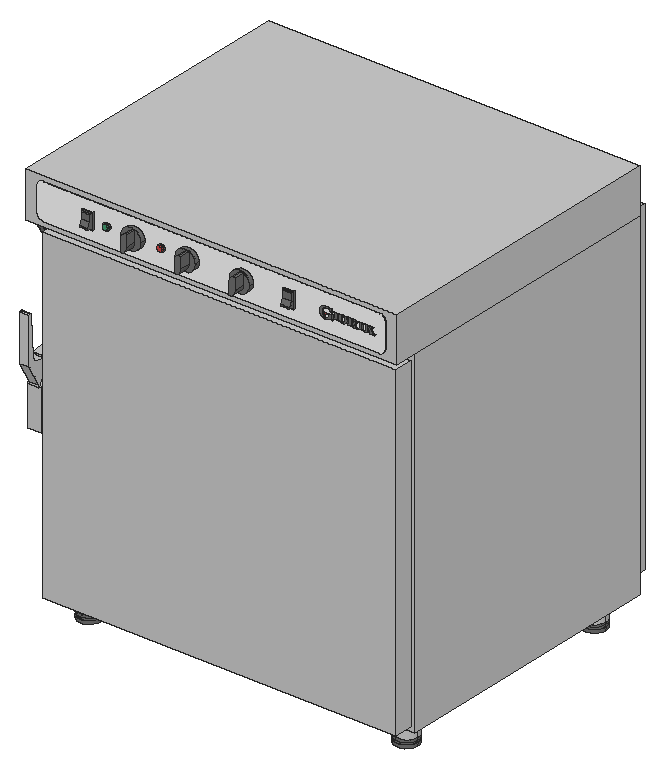
Revit family "QF_GIORIK_GR0711M_GR0711E_GR0711P", category Specialty Equipment, Revit 2014
Parameters (values of type "GR0711M")
  Weight in Pounds = 242.508
  Watts = 9600 W
  Waste Water Discharge Temperature = 0 °C
  Volts = 400 V
  URL Cutsheet = ""
  URL = "www.giorik.com"
  Programmable electronic control = no
  Plumbing Remarks [instance] = ""
  Plumbing Connection Type [instance] = ""
  Legs height [instance] = 60 mm
  Indirect Waste Size = 3/4"
  Indirect Waste Flow = 0.0 L/s
  Indirect Waste Connection Type [instance] = ""
  Indirect Waste Connection Height = 46 mm
  Mechanical control = yes
  Status [instance] = ""
  Specification by User [instance] = ""
  Specification by Manufacturer = ""
  Serial Number = ""
  Seismic Rating = ""
  SMACNA No = ""
  Revision Code [instance] = ""
  Phase = 3
  Number of Poles [instance] = 3
  NAFEM Spec ID Number = ""
  Model = "GR0711M"
  Min Ckt Ampacity = 0 A
  Max Overcurrent Protection = 20 A
  Masterspec = ""
  Manufacturer = "GIORIK"
  Show Logo [instance] = yes
  Show Clearance [instance] = yes
  Item Number [instance] = ""
  Installed By [instance] = ""
  Identify Quantity as Lot [instance] = no
  HP = "0"
  Furnished By [instance] = ""
  Foodservice Equipment Identifier [instance] = yes
  FL Amps = 0 A
  Electronic control = no
  Electrical Remarks [instance] = ""
  Electric Connection Type [instance] = ""
  Elec Conn RI Height [instance] = 0 mm
  Elec Conn Connection Height [instance] = 284 mm
  Description = "REGENERATING OVEN 7 GN 1/1 - MECHANICAL VERSION"
  Cycle = 50 Hz
  Conn Plug = ""
  Conn Conduit [instance] = no
  Cold Water Temperature Recommended = 0 °C
  Cold Water Size = 3/4"
  Cold Water RI Height [instance] = 0 mm
  Cold Water Minimum Pressure [instance] = 150.0 kPa
  Cold Water Maximum Pressure [instance] = 600.0 kPa
  Cold Water Flow [instance] = 0.0 L/s
  Cold Water Consumption [instance] = ""
  Cold Water Connection Height = 199 mm
  CSI MasterFormat = ""
  Assembly Code = "E1090320"
  Apparent Power = 9600 VA
Reference planes
  plane 1 "Back": y = 0
  plane 2: z = 0
  plane 3 "Left": x = 0
  plane 4 "Right": x = 820
  plane 5 "Front": y = -746
  plane 6 "Top": z = 910
  plane 7 "Legs height": z = 60
  plane 8 "Front oven": y = -696
Forms (mm)
  Extrusion 1, solid
    sketch origin (0, 0, 0) x (1, 0, 0) y (0, 0, 1)
      loop
        line (0, 60) -> (820, 60) -> (820, 810) -> (0, 810) -> (0, 60)
    from 75 to 696
  Extrusion 2, solid
    sketch origin (0, -746, 0) x (-1, 0, 0) y (0, 0, 1)
      loop
        line (-818, 800) -> (-818, 75) -> (-38, 75) -> (-38, 800) -> (-818, 800)
    from 0 to 40
  Extrusion 3, solid, visible <- "Show Clearance", detail levels coarse
    sketch origin (430, -505, 0) x (1, 0, 0) y (0, 1, 0)
      loop
        line (-430, -241) -> (-430, 505) -> (390, 505) -> (390, -241) -> (490, -241) -> (490, 605) -> (-530, 605) -> (-530, -241) -> (-430, -241)
    from 0 to 910
  Extrusion 4, solid, visible <- "Show Clearance", detail levels coarse
    sketch origin (0, -21, 60) x (0, 1, 0) y (-1, 0, 0)
      loop
        line (-725, -820) -> (-725, -38)
        arc (-725, -38) -> (-1269.196, -248.189) -> (-1509, -780) r 768.537
        line (-1509, -780) -> (-1509, -820) -> (-725, -820)
    from 15 to 740
  Extrusion 5, solid
    sketch origin (0, -746, 0) x (-1, 0, 0) y (0, 0, 1)
      loop
        arc (-25, 885) -> (-29.393, 895.607) -> (-40, 900) r 15
        line (-40, 900) -> (-780, 900)
        arc (-780, 900) -> (-790.607, 895.607) -> (-795, 885) r 15
        line (-795, 885) -> (-795, 835)
        arc (-795, 835) -> (-790.607, 824.393) -> (-780, 820) r 15
        line (-780, 820) -> (-40, 820)
        arc (-40, 820) -> (-29.393, 824.393) -> (-25, 835) r 15
        line (-25, 835) -> (-25, 885)
    from -0.5 to 2
  Extrusion 6, solid
    sketch origin (820, 165, 0) x (0, -1, 0) y (0, 0, 1)
      loop
        circle (220, 199) r 11
    from 50 to 30
  Extrusion 7, solid, visible <- "Mechanical control"
    sketch origin (0, -746, 0) x (-1, 0, 0) y (0, 0, 1)
      loop
        circle (-180, 860) r 7.5
    from 0 to -3
  Extrusion 8, solid, visible <- "Show Logo", detail levels medium+fine
    sketch origin (576.604, -746, 203.695) x (-1, 0, 0) y (0, 0, 1)
      loop
        line (-104.547, 663.962) -> (-115.547, 663.962) -> (-112.754, 661.618) -> (-112.754, 651.306) -> (-115.547, 648.962) -> (-104.547, 648.962) -> (-107.34, 651.306) -> (-107.34, 661.618) -> (-104.547, 663.962)
      loop
        line (-159.547, 663.962) -> (-170.547, 663.962) -> (-167.754, 661.618) -> (-167.754, 651.306) -> (-170.547, 648.962) -> (-159.547, 648.962) -> (-162.34, 651.306) -> (-162.34, 661.618) -> (-159.547, 663.962)
      loop
        line (-172.547, 663.962) -> (-183.547, 663.962) -> (-180.754, 661.618) -> (-180.754, 656.706) -> (-187.354, 662.244) -> (-184.9, 663.962) -> (-193.294, 663.962) -> (-189.303, 662.101) -> (-186.172, 658.97) -> (-192.777, 651.098) -> (-195.9, 649.962) -> (-195.9, 648.962) -> (-184.9, 648.962) -> (-186.151, 650.747) -> (-182.483, 655.625) -> (-180.754, 654.818) -> (-180.754, 651.306) -> (-183.547, 648.962) -> (-172.547, 648.962) -> (-175.34, 651.306) -> (-175.34, 661.618) -> (-172.547, 663.962)
      loop
        line (-100.387, 668.5) -> (-100.387, 658.865)
        arc (-100.387, 658.865) -> (-95.719, 663.282) -> (-89.875, 665.956) r 19.648
        arc (-89.875, 665.956) -> (-85.547, 665.774) -> (-82.114, 663.131) r 7.168
        arc (-82.114, 663.131) -> (-80.034, 656.5) -> (-82.114, 649.868) r 11.613
        arc (-82.114, 649.868) -> (-84.434, 647.581) -> (-87.423, 646.287) r 8.864
        arc (-87.423, 646.287) -> (-90.954, 646.508) -> (-93.801, 648.608) r 6.26
        line (-93.801, 648.608) -> (-93.801, 656.174) -> (-101.26, 656.174) -> (-101.26, 648.213) -> (-103.406, 646.068) -> (-98.753, 647.314)
        arc (-98.753, 647.314) -> (-96.873, 647.533) -> (-95.12, 646.821) r 3.816
        arc (-95.12, 646.821) -> (-86.651, 644.034) -> (-78.183, 646.821) r 14.26
        arc (-78.183, 646.821) -> (-73.396, 656.305) -> (-78.183, 665.788) r 11.787
        arc (-78.183, 665.788) -> (-86.838, 668.637) -> (-95.494, 665.788) r 14.575
        line (-95.494, 665.788) -> (-100.387, 668.5)
      loop
        arc (-117.299, 661.157) -> (-125.457, 664.293) -> (-133.615, 661.157) r 12.178
        arc (-133.615, 661.157) -> (-135.675, 656.524) -> (-133.615, 651.891) r 6.24
        arc (-133.615, 651.891) -> (-125.457, 648.755) -> (-117.299, 651.891) r 12.178
        arc (-117.299, 651.891) -> (-115.239, 656.524) -> (-117.299, 661.157) r 6.24
      loop
        arc (-121.457, 659.117) -> (-125.457, 663.117) -> (-129.457, 659.117) r 4
        line (-129.457, 659.117) -> (-129.457, 653.931)
        arc (-129.457, 653.931) -> (-125.457, 649.931) -> (-121.457, 653.931) r 4
        line (-121.457, 653.931) -> (-121.457, 659.117)
      loop
        arc (-150.534, 663.971) -> (-154.557, 659.947) -> (-150.534, 655.923) r 4.024
        line (-150.534, 655.923) -> (-154.412, 650.423) -> (-157.545, 648.962) -> (-149.901, 648.962) -> (-147.062, 655.05) -> (-143.519, 655.05) -> (-143.519, 651.008) -> (-146.441, 648.962) -> (-135.402, 648.962) -> (-137.953, 650.881) -> (-137.953, 661.677) -> (-135.669, 663.971) -> (-150.534, 663.971)
      loop
        line (-143.519, 662.926) -> (-147.194, 662.926)
        arc (-147.194, 662.926) -> (-150.379, 659.741) -> (-147.194, 656.556) r 3.185
        line (-147.194, 656.556) -> (-143.519, 656.556) -> (-143.519, 662.926)
    from 0.5 to -1.5
  Extrusion 9, solid, visible <- "Show Logo", detail levels medium+fine
    sketch origin (574.604, -746, 203.695) x (-1, 0, 0) y (0, 0, 1)
      loop
        line (-83.301, 656.174) -> (-95.301, 656.174) -> (-89.301, 651.174) -> (-83.301, 656.174)
    from 0.5 to -1.5
  Extrusion 10, solid
    sketch origin (0, -53, 0) x (1, 0, 0) y (0, 1, 0)
      loop
        circle (60, -72) r 25
    from 0 to 6
  Extrusion 11, solid
    sketch origin (0, -53, 0) x (1, 0, 0) y (0, 1, 0)
      loop
        circle (60, -72) r 25
    from 17 to 60
  Extrusion 12, solid
    sketch origin (0, -53, 0) x (1, 0, 0) y (0, 1, 0)
      loop
        circle (60, -72) r 23
    from 6 to 12
  Extrusion 13, solid
    sketch origin (0, -53, 0) x (1, 0, 0) y (0, 1, 0)
      loop
        circle (60, -72) r 25
    from 12 to 17
  Extrusion 14, solid
    sketch origin (0, -573, 0) x (1, 0, 0) y (0, 1, 0)
      loop
        circle (60, -72) r 25
    from 0 to 6
  Extrusion 15, solid
    sketch origin (0, -573, 0) x (1, 0, 0) y (0, 1, 0)
      loop
        circle (60, -72) r 25
    from 17 to 60
  Extrusion 16, solid
    sketch origin (0, -573, 0) x (1, 0, 0) y (0, 1, 0)
      loop
        circle (60, -72) r 23
    from 6 to 12
  Extrusion 17, solid
    sketch origin (0, -573, 0) x (1, 0, 0) y (0, 1, 0)
      loop
        circle (60, -72) r 25
    from 12 to 17
  Extrusion 18, solid
    sketch origin (700, -53, 0) x (1, 0, 0) y (0, 1, 0)
      loop
        circle (60, -72) r 25
    from 0 to 6
  Extrusion 19, solid
    sketch origin (700, -53, 0) x (1, 0, 0) y (0, 1, 0)
      loop
        circle (60, -72) r 25
    from 17 to 60
  Extrusion 20, solid
    sketch origin (700, -53, 0) x (1, 0, 0) y (0, 1, 0)
      loop
        circle (60, -72) r 23
    from 6 to 12
  Extrusion 21, solid
    sketch origin (700, -53, 0) x (1, 0, 0) y (0, 1, 0)
      loop
        circle (60, -72) r 25
    from 12 to 17
  Extrusion 22, solid
    sketch origin (700, -573, 0) x (1, 0, 0) y (0, 1, 0)
      loop
        circle (60, -72) r 25
    from 0 to 6
  Extrusion 23, solid
    sketch origin (700, -573, 0) x (1, 0, 0) y (0, 1, 0)
      loop
        circle (60, -72) r 25
    from 17 to 60
  Extrusion 24, solid
    sketch origin (700, -573, 0) x (1, 0, 0) y (0, 1, 0)
      loop
        circle (60, -72) r 23
    from 6 to 12
  Extrusion 25, solid
    sketch origin (700, -573, 0) x (1, 0, 0) y (0, 1, 0)
      loop
        circle (60, -72) r 25
    from 12 to 17
  Extrusion 26, solid
    sketch origin (0, 0, 0) x (1, 0, 0) y (0, 0, 1)
      loop
        line (50, 60) -> (770, 60) -> (770, 785) -> (50, 785) -> (50, 60)
    from 0 to 75
  Extrusion 27, solid
    sketch origin (0, 0, 0) x (1, 0, 0) y (0, 0, 1)
      loop
        line (0, 910) -> (0, 810) -> (820, 810) -> (820, 910) -> (0, 910)
    from 75 to 746
  Extrusion 28, solid
    sketch origin (0, 0, 90) x (0, 1, 0) y (0, 0, 1)
      loop
        line (-708.5, 307) -> (-708.5, 457) -> (-735.5, 455.5) -> (-735.5, 426.5) -> (-748.5, 400) -> (-748.5, 312) -> (-708.5, 307)
    from 6 to 36
  Extrusion 29, solid
    sketch origin (0, 0, -90) x (0, 1, 0) y (0, 0, 1)
      loop
        line (-748.5, 580) -> (-735.5, 606.5) -> (-735.5, 633.216) -> (-755.655, 635.333)
        arc (-755.655, 635.333) -> (-761.803, 638.331) -> (-764.586, 644.58) r 10
        line (-764.586, 644.58) -> (-771, 736.21) -> (-773.5, 736.21) -> (-776, 733.71) -> (-776, 632.08) -> (-748.5, 584.31) -> (-748.5, 580)
    from 11 to 31
  Extrusion 30, solid
    sketch origin (0, 0, 90) x (0, 1, 0) y (0, 0, 1)
      loop
        line (-696, 306.3) -> (-696, 364.3) -> (-698.8, 364.3)
        arc (-698.8, 364.3) -> (-700.568, 363.568) -> (-701.3, 361.8) r 2.5
        line (-701.3, 361.8) -> (-701.3, 339.484)
        arc (-701.3, 339.484) -> (-701.917, 337.839) -> (-703.464, 337.006) r 2.5
        line (-703.464, 337.006) -> (-708.5, 336.324) -> (-708.5, 324.276) -> (-703.464, 323.593)
        arc (-703.464, 323.593) -> (-701.917, 322.761) -> (-701.3, 321.116) r 2.5
        line (-701.3, 321.116) -> (-701.3, 308.8)
        arc (-701.3, 308.8) -> (-700.568, 307.032) -> (-698.8, 306.3) r 2.5
        line (-698.8, 306.3) -> (-696, 306.3)
    from 8.5 to 33.5
  Extrusion 31, solid, visible <- "Mechanical control"
    sketch origin (0, -746, 0) x (-1, 0, 0) y (0, 0, 1)
      loop
        arc (-247.2, 854.346) -> (-244.087, 845.403) -> (-236.094, 840.325) r 14.404
        arc (-236.094, 840.325) -> (-234.423, 840.714) -> (-232.8, 841.269) r 17
        line (-232.8, 841.269) -> (-232.8, 866.046)
        arc (-232.8, 866.046) -> (-235.913, 874.989) -> (-243.906, 880.067) r 14.404
        arc (-243.906, 880.067) -> (-245.577, 879.678) -> (-247.2, 879.123) r 17
        line (-247.2, 879.123) -> (-247.2, 854.346)
    from -30 to -10
  Extrusion 32, solid, visible <- "Mechanical control"
    sketch origin (0, -746, 0) x (-1, 0, 0) y (0, 0, 1)
      loop
        circle (-240, 860.196) r 22.5
    from 0 to -10
  Extrusion 33, solid, visible <- "Mechanical control"
    sketch origin (120, -746, 0) x (-1, 0, 0) y (0, 0, 1)
      loop
        arc (-247.2, 854.346) -> (-244.087, 845.403) -> (-236.094, 840.325) r 14.404
        arc (-236.094, 840.325) -> (-234.423, 840.714) -> (-232.8, 841.269) r 17
        line (-232.8, 841.269) -> (-232.8, 866.046)
        arc (-232.8, 866.046) -> (-235.913, 874.989) -> (-243.906, 880.067) r 14.404
        arc (-243.906, 880.067) -> (-245.577, 879.678) -> (-247.2, 879.123) r 17
        line (-247.2, 879.123) -> (-247.2, 854.346)
    from -30 to -10
  Extrusion 34, solid, visible <- "Mechanical control"
    sketch origin (120, -746, 0) x (-1, 0, 0) y (0, 0, 1)
      loop
        circle (-240, 860.196) r 22.5
    from 0 to -10
  Extrusion 35, solid, visible <- "Mechanical control"
    sketch origin (0, -746, 0) x (-1, 0, 0) y (0, 0, 1)
      loop
        circle (-180, 860) r 5.5
    from -3 to -6
  Extrusion 36, solid, visible <- "Mechanical control"
    sketch origin (120, -746, 0) x (-1, 0, 0) y (0, 0, 1)
      loop
        circle (-180, 860) r 7.5
    from 0 to -3
  Extrusion 37, solid, visible <- "Mechanical control"
    sketch origin (120, -746, 0) x (-1, 0, 0) y (0, 0, 1)
      loop
        circle (-180, 860) r 5.5
    from -3 to -6
  Extrusion 38, solid, visible <- "Mechanical control"
    sketch origin (0, -746, 0) x (-1, 0, 0) y (0, 0, 1)
      loop
        line (-125, 842.5) -> (-125, 877.5) -> (-150, 877.5) -> (-150, 842.5) -> (-125, 842.5)
    from 0 to -3
  Extrusion 39, solid, visible <- "Mechanical control"
    sketch origin (0, 0, 0) x (0, 1, 0) y (0, 0, 1)
      loop
        line (-749, 874.5) -> (-753, 874.5) -> (-753, 860) -> (-758.435, 848.345)
        arc (-758.435, 848.345) -> (-758.309, 846.425) -> (-756.622, 845.5) r 2
        line (-756.622, 845.5) -> (-749, 845.5) -> (-749, 874.5)
    from 128 to 147
  Extrusion 40, solid
    sketch origin (-118.5, -959, -389) x (0, 1, 0) y (0, 0, 1)
      loop
        line (894.124, 687.794) -> (886.25, 674.156) -> (886.25, 671.844) -> (894.124, 658.206) -> (896.126, 657.05) -> (911.874, 657.05) -> (913.876, 658.206) -> (921.75, 671.844) -> (921.75, 674.156) -> (913.876, 687.794) -> (911.874, 688.95) -> (896.126, 688.95) -> (894.124, 687.794)
    from 144.771 to 152.771
  Extrusion 41, solid
    sketch origin (-118.5, -959, -389) x (0, 1, 0) y (0, 0, 1)
      loop
        line (894.124, 687.794) -> (886.25, 674.156) -> (886.25, 671.844) -> (894.124, 658.206) -> (896.126, 657.05) -> (911.874, 657.05) -> (913.876, 658.206) -> (921.75, 671.844) -> (921.75, 674.156) -> (913.876, 687.794) -> (911.874, 688.95) -> (896.126, 688.95) -> (894.124, 687.794)
    from 160.771 to 152.771
  Extrusion 42, solid
    sketch origin (-118.5, -959, -389) x (0, 1, 0) y (0, 0, 1)
      loop
        line (894.124, 687.794) -> (886.25, 674.156) -> (886.25, 671.844) -> (894.124, 658.206) -> (896.126, 657.05) -> (911.874, 657.05) -> (913.876, 658.206) -> (921.75, 671.844) -> (921.75, 674.156) -> (913.876, 687.794) -> (911.874, 688.95) -> (896.126, 688.95) -> (894.124, 687.794)
    from 168.5 to 160.771
  Revolve 43, solid
    sketch origin (16, 0, 0) x (0, 1, 0) y (0, 0, 1)
      loop
        line (-696, 789.289) -> (-696, 797.386) -> (-706.896, 799.202)
        arc (-706.896, 799.202) -> (-707.334, 799.395) -> (-707.638, 799.766) r 1.032
        line (-707.638, 799.766) -> (-710.719, 806.1)
        arc (-710.719, 806.1) -> (-711.654, 806.864) -> (-712.588, 806.1) r 0.954
        arc (-712.588, 806.1) -> (-714.837, 797.805) -> (-716, 789.289) r 66.68
        line (-716, 789.289) -> (-696, 789.289)
      axis (-696, 789.289) -> (-716, 789.289)
    angle from 0 to 360
  Extrusion 44, solid, visible <- "Mechanical control"
    sketch origin (240, -746, 0) x (-1, 0, 0) y (0, 0, 1)
      loop
        arc (-247.2, 854.346) -> (-244.087, 845.403) -> (-236.094, 840.325) r 14.404
        arc (-236.094, 840.325) -> (-234.423, 840.714) -> (-232.8, 841.269) r 17
        line (-232.8, 841.269) -> (-232.8, 866.046)
        arc (-232.8, 866.046) -> (-235.913, 874.989) -> (-243.906, 880.067) r 14.404
        arc (-243.906, 880.067) -> (-245.577, 879.678) -> (-247.2, 879.123) r 17
        line (-247.2, 879.123) -> (-247.2, 854.346)
    from -30 to -10
  Extrusion 45, solid, visible <- "Mechanical control"
    sketch origin (240, -746, 0) x (-1, 0, 0) y (0, 0, 1)
      loop
        circle (-240, 860.196) r 22.5
    from 0 to -10
  Extrusion 46, solid, visible <- "Mechanical control"
    sketch origin (720, -746, 0) x (1, 0, 0) y (0, 0, -1)
      loop
        line (-125, -842.5) -> (-150, -842.5) -> (-150, -877.5) -> (-125, -877.5) -> (-125, -842.5)
    from 0 to -3
  Extrusion 47, solid, visible <- "Mechanical control"
    sketch origin (720, 0, 0) x (0, 1, 0) y (0, 0, -1)
      loop
        line (-749, -874.5) -> (-749, -845.5) -> (-756.622, -845.5)
        arc (-756.622, -845.5) -> (-758.309, -846.425) -> (-758.435, -848.345) r 2
        line (-758.435, -848.345) -> (-753, -860) -> (-753, -874.5) -> (-749, -874.5)
    from 128 to 147
  Sweep 48, solid
    path origin (0, 0, 60) x (0, 1, 0) y (-1, 0, 0)
      loop
        line (-470.54, -439.955) -> (-10, -645)
    profile origin (542.477, -240.27, 60) x (-0.913545, 0.406737, 0) y (0, 0, 1)
      loop
        circle (0, -14) r 11
  Sweep 49, solid
    path origin (986.762, -201.241, 4.474) x (-0.406737, -0.913545, 0) y (0, 0, 1)
      loop
        line (468.424, 46) -> (478.424, 46)
        arc (478.424, 46) -> (485.495, 48.929) -> (488.424, 56) r 10
        line (488.424, 56) -> (488.424, 60)
    profile origin (788.103, -647.438, 62.474) x (0.406737, 0.913545, 0) y (-0.913545, 0.406737, 0)
      loop
        circle (-4.474, 390) r 11
  Sweep 50, solid
    path origin (0, 0, 60) x (0, 1, 0) y (-1, 0, 0)
      loop
        line (-478.977, -436.198) -> (-451.571, -448.4)
    profile origin (442.299, -465.274, 60) x (-0.913545, 0.406737, 0) y (0, 0, 1)
      loop
        circle (0, -14) r 14
  Sweep 51, solid
    path origin (0, 0, 0) x (0, 1, 0) y (0, 0, 1)
      loop
        line (-79.938, 854.218) -> (-60.185, 857.347)
    profile origin (0, -70.062, 855.782) x (0, -0.156434, 0.987688) y (1, 0, 0)
      loop
        circle (0, 160) r 25
  Extrusion 52, solid, visible <- "Programmable electronic control"
    sketch origin (0, -746, 0) x (-1, 0, 0) y (0, 0, 1)
      loop
        line (-71, 865.5) -> (-71, 879.5)
        arc (-71, 879.5) -> (-71.586, 880.914) -> (-73, 881.5) r 2
        line (-73, 881.5) -> (-87, 881.5)
        arc (-87, 881.5) -> (-88.414, 880.914) -> (-89, 879.5) r 2
        line (-89, 879.5) -> (-89, 865.5)
        arc (-89, 865.5) -> (-88.414, 864.086) -> (-87, 863.5) r 2
        line (-87, 863.5) -> (-73, 863.5)
        arc (-73, 863.5) -> (-71.586, 864.086) -> (-71, 865.5) r 2
      loop
        arc (-71, 847) -> (-71.586, 848.414) -> (-73, 849) r 2
        line (-73, 849) -> (-87, 849)
        arc (-87, 849) -> (-88.414, 848.414) -> (-89, 847) r 2
        line (-89, 847) -> (-89, 833)
        arc (-89, 833) -> (-88.414, 831.586) -> (-87, 831) r 2
        line (-87, 831) -> (-73, 831)
        arc (-73, 831) -> (-71.586, 831.586) -> (-71, 833) r 2
        line (-71, 833) -> (-71, 847)
      loop
        line (-85.824, 871.942) -> (-85.824, 868.598) -> (-77.871, 868.598) -> (-77.871, 867.344) -> (-75.064, 869.098) -> (-77.871, 870.852) -> (-77.871, 869.598) -> (-84.824, 869.598) -> (-84.824, 871.942) -> (-85.824, 871.942)
      loop
        arc (-86.5, 848) -> (-87.561, 847.561) -> (-88, 846.5) r 1.5
        line (-88, 846.5) -> (-88, 833.5)
        arc (-88, 833.5) -> (-87.561, 832.439) -> (-86.5, 832) r 1.5
        line (-86.5, 832) -> (-73.5, 832)
        arc (-73.5, 832) -> (-72.439, 832.439) -> (-72, 833.5) r 1.5
        line (-72, 833.5) -> (-72, 846.5)
        arc (-72, 846.5) -> (-72.439, 847.561) -> (-73.5, 848) r 1.5
        line (-73.5, 848) -> (-86.5, 848)
      loop
        line (-79.5, 846) -> (-80.5, 846) -> (-80.5, 840) -> (-79.5, 840) -> (-79.5, 846)
      loop
        arc (-78.987, 845.406) -> (-80, 834.5) -> (-81.013, 845.406) r 5.5
        line (-81.013, 845.406) -> (-81.013, 844.385)
        arc (-81.013, 844.385) -> (-80, 835.5) -> (-78.987, 844.385) r 4.5
        line (-78.987, 844.385) -> (-78.987, 845.406)
      loop
        line (-75.022, 877) -> (-84.978, 877) -> (-84.978, 874.886) -> (-75.022, 874.886) -> (-75.022, 877)
      loop
        line (-107, 865.5) -> (-107, 879.5)
        arc (-107, 879.5) -> (-107.586, 880.914) -> (-109, 881.5) r 2
        line (-109, 881.5) -> (-123, 881.5)
        arc (-123, 881.5) -> (-124.414, 880.914) -> (-125, 879.5) r 2
        line (-125, 879.5) -> (-125, 865.5)
        arc (-125, 865.5) -> (-124.414, 864.086) -> (-123, 863.5) r 2
        line (-123, 863.5) -> (-109, 863.5)
        arc (-109, 863.5) -> (-107.586, 864.086) -> (-107, 865.5) r 2
      loop
        circle (-111.46, 877) r 1.5
      loop
        circle (-120.54, 868) r 1.5
      loop
        arc (-107, 847) -> (-107.586, 848.414) -> (-109, 849) r 2
        line (-109, 849) -> (-123, 849)
        arc (-123, 849) -> (-124.414, 848.414) -> (-125, 847) r 2
        line (-125, 847) -> (-125, 833)
        arc (-125, 833) -> (-124.414, 831.586) -> (-123, 831) r 2
        line (-123, 831) -> (-109, 831)
        arc (-109, 831) -> (-107.586, 831.586) -> (-107, 833) r 2
        line (-107, 833) -> (-107, 847)
      loop
        arc (-110.035, 842.254) -> (-112.14, 843.328) -> (-114.387, 842.599) r 3.087
        arc (-114.387, 842.599) -> (-116.352, 844.804) -> (-119.278, 845.2) r 4.257
        line (-119.278, 845.2) -> (-121.9, 839.311)
        arc (-121.9, 839.311) -> (-118.973, 838.915) -> (-117.009, 836.711) r 4.257
        arc (-117.009, 836.711) -> (-114.761, 837.439) -> (-112.657, 836.365) r 3.087
        line (-112.657, 836.365) -> (-110.035, 842.254)
      loop
        arc (-111.244, 841.998) -> (-112.518, 842.333) -> (-113.738, 841.838) r 2.087
        line (-113.738, 841.838) -> (-115.318, 842.234)
        arc (-115.318, 842.234) -> (-116.614, 843.801) -> (-118.587, 844.293) r 3.257
        line (-118.587, 844.293) -> (-120.332, 840.374)
        arc (-120.332, 840.374) -> (-118.235, 839.644) -> (-116.626, 838.114) r 5.257
        arc (-116.626, 838.114) -> (-114.817, 838.444) -> (-113.047, 837.949) r 4.087
        line (-113.047, 837.949) -> (-111.244, 841.998)
      loop
        arc (-143, 847) -> (-143.586, 848.414) -> (-145, 849) r 2
        line (-145, 849) -> (-159, 849)
        arc (-159, 849) -> (-160.414, 848.414) -> (-161, 847) r 2
        line (-161, 847) -> (-161, 833)
        arc (-161, 833) -> (-160.414, 831.586) -> (-159, 831) r 2
        line (-159, 831) -> (-145, 831)
        arc (-145, 831) -> (-143.586, 831.586) -> (-143, 833) r 2
        line (-143, 833) -> (-143, 847)
      loop
        arc (-179, 847) -> (-179.586, 848.414) -> (-181, 849) r 2
        line (-181, 849) -> (-195, 849)
        arc (-195, 849) -> (-196.414, 848.414) -> (-197, 847) r 2
        line (-197, 847) -> (-197, 833)
        arc (-197, 833) -> (-196.414, 831.586) -> (-195, 831) r 2
        line (-195, 831) -> (-181, 831)
        arc (-181, 831) -> (-179.586, 831.586) -> (-179, 833) r 2
        line (-179, 833) -> (-179, 847)
      loop
        line (-149.5, 839.25) -> (-149.5, 840.75) -> (-154.5, 840.75) -> (-154.5, 839.25) -> (-149.5, 839.25)
      loop
        line (-185, 839.25) -> (-185, 840.75) -> (-187.25, 840.75) -> (-187.25, 842.992) -> (-188.75, 842.992) -> (-188.75, 840.75) -> (-191, 840.75) -> (-191, 839.25) -> (-188.75, 839.25) -> (-188.75, 837) -> (-187.25, 837) -> (-187.25, 839.25) -> (-185, 839.25)
      loop
        arc (-215, 847) -> (-215.586, 848.414) -> (-217, 849) r 2
        line (-217, 849) -> (-231, 849)
        arc (-231, 849) -> (-232.414, 848.414) -> (-233, 847) r 2
        line (-233, 847) -> (-233, 833)
        arc (-233, 833) -> (-232.414, 831.586) -> (-231, 831) r 2
        line (-231, 831) -> (-217, 831)
        arc (-217, 831) -> (-215.586, 831.586) -> (-215, 833) r 2
        line (-215, 833) -> (-215, 847)
      loop
        arc (-215, 879.5) -> (-215.586, 880.914) -> (-217, 881.5) r 2
        line (-217, 881.5) -> (-231, 881.5)
        arc (-231, 881.5) -> (-232.414, 880.914) -> (-233, 879.5) r 2
        line (-233, 879.5) -> (-233, 865.5)
        arc (-233, 865.5) -> (-232.414, 864.086) -> (-231, 863.5) r 2
        line (-231, 863.5) -> (-217, 863.5)
        arc (-217, 863.5) -> (-215.586, 864.086) -> (-215, 865.5) r 2
        line (-215, 865.5) -> (-215, 879.5)
      loop
        circle (-224, 840) r 6
      loop
        line (-221.142, 841.959) -> (-223.931, 840.283) -> (-227.005, 842.956) -> (-227.557, 842.321) -> (-224.689, 839.828) -> (-225.876, 839.114) -> (-225.443, 838.393) -> (-224.021, 839.247) -> (-223.106, 838.451) -> (-222.554, 839.086) -> (-223.263, 839.703) -> (-220.708, 841.238) -> (-221.142, 841.959)
      loop
        line (-224, 878.571) -> (-227.538, 871.867)
        arc (-227.538, 871.867) -> (-224, 866) -> (-220.462, 871.867) r 4
        line (-220.462, 871.867) -> (-224, 878.571)
      loop
        circle (-224, 840) r 5.3
      loop
        arc (-251, 847) -> (-251.586, 848.414) -> (-253, 849) r 2
        line (-253, 849) -> (-267, 849)
        arc (-267, 849) -> (-268.414, 848.414) -> (-269, 847) r 2
        line (-269, 847) -> (-269, 833)
        arc (-269, 833) -> (-268.414, 831.586) -> (-267, 831) r 2
        line (-267, 831) -> (-253, 831)
        arc (-253, 831) -> (-251.586, 831.586) -> (-251, 833) r 2
        line (-251, 833) -> (-251, 847)
      loop
        arc (-251, 879.5) -> (-251.586, 880.914) -> (-253, 881.5) r 2
        line (-253, 881.5) -> (-267, 881.5)
        arc (-267, 881.5) -> (-268.414, 880.914) -> (-269, 879.5) r 2
        line (-269, 879.5) -> (-269, 865.5)
        arc (-269, 865.5) -> (-268.414, 864.086) -> (-267, 863.5) r 2
        line (-267, 863.5) -> (-253, 863.5)
        arc (-253, 863.5) -> (-251.586, 864.086) -> (-251, 865.5) r 2
        line (-251, 865.5) -> (-251, 879.5)
      loop
        arc (-287, 847) -> (-287.586, 848.414) -> (-289, 849) r 2
        line (-289, 849) -> (-303, 849)
        arc (-303, 849) -> (-304.414, 848.414) -> (-305, 847) r 2
        line (-305, 847) -> (-305, 833)
        arc (-305, 833) -> (-304.414, 831.586) -> (-303, 831) r 2
        line (-303, 831) -> (-289, 831)
        arc (-289, 831) -> (-287.586, 831.586) -> (-287, 833) r 2
        line (-287, 833) -> (-287, 847)
      loop
        arc (-287, 879.5) -> (-287.586, 880.914) -> (-289, 881.5) r 2
        line (-289, 881.5) -> (-303, 881.5)
        arc (-303, 881.5) -> (-304.414, 880.914) -> (-305, 879.5) r 2
        line (-305, 879.5) -> (-305, 865.5)
        arc (-305, 865.5) -> (-304.414, 864.086) -> (-303, 863.5) r 2
        line (-303, 863.5) -> (-289, 863.5)
        arc (-289, 863.5) -> (-287.586, 864.086) -> (-287, 865.5) r 2
        line (-287, 865.5) -> (-287, 879.5)
      loop
        arc (-261.2, 870.693) -> (-260, 866) -> (-258.8, 870.693) r 2.5
        line (-258.8, 870.693) -> (-258.8, 876.5)
        arc (-258.8, 876.5) -> (-260, 877.7) -> (-261.2, 876.5) r 1.2
        line (-261.2, 876.5) -> (-261.2, 870.693)
      loop
        line (-290.732, 840.416) -> (-301.526, 840.416) -> (-301.526, 839.324) -> (-290.732, 839.324) -> (-290.732, 840.416)
      loop
        line (-291.659, 844.456) -> (-300.665, 844.456) -> (-300.665, 841.807) -> (-291.659, 841.807) -> (-291.659, 844.456)
      loop
        line (-291.659, 835.544) -> (-291.659, 838.193) -> (-300.665, 838.193) -> (-300.665, 835.544) -> (-291.659, 835.544)
      loop
        line (-289.807, 869.232) -> (-293.938, 873.364)
        arc (-293.938, 873.364) -> (-295.275, 876.228) -> (-298.297, 877.153) r 3.889
        line (-298.297, 877.153) -> (-300.752, 877.153)
        arc (-300.752, 877.153) -> (-302.253, 875.652) -> (-300.752, 874.151) r 1.501
        line (-300.752, 874.151) -> (-299.094, 874.151)
        arc (-299.094, 874.151) -> (-297.433, 872.545) -> (-295.157, 872.145) r 3.942
        line (-295.157, 872.145) -> (-291.025, 868.014)
        arc (-291.025, 868.014) -> (-289.807, 868.014) -> (-289.807, 869.232) r 0.862
      loop
        line (-258.293, 844.504) -> (-264.651, 844.504) -> (-264.207, 842.845) -> (-261.896, 842.845) -> (-260.614, 836.251) -> (-259.114, 836.251) -> (-254.614, 836.251) -> (-257.653, 842.118) -> (-259.579, 838.644) -> (-260.396, 842.845) -> (-257.848, 842.845) -> (-258.293, 844.504)
      loop
        line (-255.765, 836.951) -> (-257.674, 840.637) -> (-259.427, 837.862) -> (-259.25, 836.951) -> (-255.765, 836.951)
      loop
        arc (-141, 882.202) -> (-141.629, 884.039) -> (-143.251, 885.107) r 3
        arc (-143.251, 885.107) -> (-170, 888.5) -> (-196.749, 885.107) r 107.125
        arc (-196.749, 885.107) -> (-198.371, 884.039) -> (-199, 882.202) r 3
        line (-199, 882.202) -> (-199, 862.798)
        arc (-199, 862.798) -> (-198.371, 860.961) -> (-196.749, 859.893) r 3
        arc (-196.749, 859.893) -> (-170, 856.5) -> (-143.251, 859.893) r 107.125
        arc (-143.251, 859.893) -> (-141.629, 860.961) -> (-141, 862.798) r 3
        line (-141, 862.798) -> (-141, 882.202)
      loop
        line (-150, 865.5) -> (-150, 879.5) -> (-190, 879.5) -> (-190, 865.5) -> (-150, 865.5)
    from 0.5 to -1.5
  Extrusion 53, solid, visible <- "Programmable electronic control"
    sketch origin (505, -746, 0) x (1, 0, 0) y (0, 0, -1)
      loop
        line (-125, -842.5) -> (-150, -842.5) -> (-150, -877.5) -> (-125, -877.5) -> (-125, -842.5)
    from 0 to -3
  Extrusion 54, solid, visible <- "Programmable electronic control"
    sketch origin (505, 0, 0) x (0, 1, 0) y (0, 0, -1)
      loop
        line (-749, -874.5) -> (-749, -845.5) -> (-756.622, -845.5)
        arc (-756.622, -845.5) -> (-758.309, -846.425) -> (-758.435, -848.345) r 2
        line (-758.435, -848.345) -> (-753, -860) -> (-753, -874.5) -> (-749, -874.5)
    from 128 to 147
  Extrusion 55, solid, visible <- "Programmable electronic control"
    sketch origin (-2, -746, 0) x (-1, 0, 0) y (0, 0, 1)
      loop
        circle (-72.5, 852) r 2
      loop
        circle (-108.5, 852) r 2
      loop
        circle (-216.5, 852) r 2
      loop
        circle (-252.5, 852) r 2
      loop
        circle (-288.5, 852) r 2
      loop
        circle (-216.5, 884.5) r 2
      loop
        circle (-252.5, 884.5) r 2
      loop
        circle (-288.5, 884.5) r 2
      loop
        circle (-139.5, 884.5) r 2
      loop
        circle (-139.5, 874.5) r 2
      loop
        line (-152, 879.5) -> (-192, 879.5) -> (-192, 865.5) -> (-152, 865.5) -> (-152, 879.5)
      loop
        circle (-271.5, 884.5) r 2
    from 0.5 to -1.5
  Extrusion 56, solid, visible <- "Electronic control"
    sketch origin (0, -746, 0) x (-1, 0, 0) y (0, 0, 1)
      loop
        arc (-107, 847) -> (-107.586, 848.414) -> (-109, 849) r 2
        line (-109, 849) -> (-123, 849)
        arc (-123, 849) -> (-124.414, 848.414) -> (-125, 847) r 2
        line (-125, 847) -> (-125, 833)
        arc (-125, 833) -> (-124.414, 831.586) -> (-123, 831) r 2
        line (-123, 831) -> (-109, 831)
        arc (-109, 831) -> (-107.586, 831.586) -> (-107, 833) r 2
        line (-107, 833) -> (-107, 847)
      loop
        arc (-122.5, 848) -> (-123.561, 847.561) -> (-124, 846.5) r 1.5
        line (-124, 846.5) -> (-124, 833.5)
        arc (-124, 833.5) -> (-123.561, 832.439) -> (-122.5, 832) r 1.5
        line (-122.5, 832) -> (-109.5, 832)
        arc (-109.5, 832) -> (-108.439, 832.439) -> (-108, 833.5) r 1.5
        line (-108, 833.5) -> (-108, 846.5)
        arc (-108, 846.5) -> (-108.439, 847.561) -> (-109.5, 848) r 1.5
        line (-109.5, 848) -> (-122.5, 848)
      loop
        line (-115.5, 846) -> (-116.5, 846) -> (-116.5, 840) -> (-115.5, 840) -> (-115.5, 846)
      loop
        arc (-114.987, 845.406) -> (-116, 834.5) -> (-117.013, 845.406) r 5.5
        line (-117.013, 845.406) -> (-117.013, 844.385)
        arc (-117.013, 844.385) -> (-116, 835.5) -> (-114.987, 844.385) r 4.5
        line (-114.987, 844.385) -> (-114.987, 845.406)
      loop
        arc (-143, 847) -> (-143.586, 848.414) -> (-145, 849) r 2
        line (-145, 849) -> (-159, 849)
        arc (-159, 849) -> (-160.414, 848.414) -> (-161, 847) r 2
        line (-161, 847) -> (-161, 833)
        arc (-161, 833) -> (-160.414, 831.586) -> (-159, 831) r 2
        line (-159, 831) -> (-145, 831)
        arc (-145, 831) -> (-143.586, 831.586) -> (-143, 833) r 2
        line (-143, 833) -> (-143, 847)
      loop
        arc (-179, 847) -> (-179.586, 848.414) -> (-181, 849) r 2
        line (-181, 849) -> (-195, 849)
        arc (-195, 849) -> (-196.414, 848.414) -> (-197, 847) r 2
        line (-197, 847) -> (-197, 833)
        arc (-197, 833) -> (-196.414, 831.586) -> (-195, 831) r 2
        line (-195, 831) -> (-181, 831)
        arc (-181, 831) -> (-179.586, 831.586) -> (-179, 833) r 2
        line (-179, 833) -> (-179, 847)
      loop
        line (-149.5, 839.25) -> (-149.5, 840.75) -> (-154.5, 840.75) -> (-154.5, 839.25) -> (-149.5, 839.25)
      loop
        line (-185, 839.25) -> (-185, 840.75) -> (-187.25, 840.75) -> (-187.25, 842.992) -> (-188.75, 842.992) -> (-188.75, 840.75) -> (-191, 840.75) -> (-191, 839.25) -> (-188.75, 839.25) -> (-188.75, 837) -> (-187.25, 837) -> (-187.25, 839.25) -> (-185, 839.25)
      loop
        arc (-215, 847) -> (-215.586, 848.414) -> (-217, 849) r 2
        line (-217, 849) -> (-231, 849)
        arc (-231, 849) -> (-232.414, 848.414) -> (-233, 847) r 2
        line (-233, 847) -> (-233, 833)
        arc (-233, 833) -> (-232.414, 831.586) -> (-231, 831) r 2
        line (-231, 831) -> (-217, 831)
        arc (-217, 831) -> (-215.586, 831.586) -> (-215, 833) r 2
        line (-215, 833) -> (-215, 847)
      loop
        arc (-215, 879.5) -> (-215.586, 880.914) -> (-217, 881.5) r 2
        line (-217, 881.5) -> (-231, 881.5)
        arc (-231, 881.5) -> (-232.414, 880.914) -> (-233, 879.5) r 2
        line (-233, 879.5) -> (-233, 865.5)
        arc (-233, 865.5) -> (-232.414, 864.086) -> (-231, 863.5) r 2
        line (-231, 863.5) -> (-217, 863.5)
        arc (-217, 863.5) -> (-215.586, 864.086) -> (-215, 865.5) r 2
        line (-215, 865.5) -> (-215, 879.5)
      loop
        circle (-224, 840) r 6
      loop
        line (-221.142, 841.959) -> (-223.931, 840.283) -> (-227.005, 842.956) -> (-227.557, 842.321) -> (-224.689, 839.828) -> (-225.876, 839.114) -> (-225.443, 838.393) -> (-224.021, 839.247) -> (-223.106, 838.451) -> (-222.554, 839.086) -> (-223.263, 839.703) -> (-220.708, 841.238) -> (-221.142, 841.959)
      loop
        line (-224, 878.571) -> (-227.538, 871.867)
        arc (-227.538, 871.867) -> (-224, 866) -> (-220.462, 871.867) r 4
        line (-220.462, 871.867) -> (-224, 878.571)
      loop
        circle (-224, 840) r 5.3
      loop
        arc (-251, 847) -> (-251.586, 848.414) -> (-253, 849) r 2
        line (-253, 849) -> (-267, 849)
        arc (-267, 849) -> (-268.414, 848.414) -> (-269, 847) r 2
        line (-269, 847) -> (-269, 833)
        arc (-269, 833) -> (-268.414, 831.586) -> (-267, 831) r 2
        line (-267, 831) -> (-253, 831)
        arc (-253, 831) -> (-251.586, 831.586) -> (-251, 833) r 2
        line (-251, 833) -> (-251, 847)
      loop
        arc (-251, 879.5) -> (-251.586, 880.914) -> (-253, 881.5) r 2
        line (-253, 881.5) -> (-267, 881.5)
        arc (-267, 881.5) -> (-268.414, 880.914) -> (-269, 879.5) r 2
        line (-269, 879.5) -> (-269, 865.5)
        arc (-269, 865.5) -> (-268.414, 864.086) -> (-267, 863.5) r 2
        line (-267, 863.5) -> (-253, 863.5)
        arc (-253, 863.5) -> (-251.586, 864.086) -> (-251, 865.5) r 2
        line (-251, 865.5) -> (-251, 879.5)
      loop
        arc (-287, 847) -> (-287.586, 848.414) -> (-289, 849) r 2
        line (-289, 849) -> (-303, 849)
        arc (-303, 849) -> (-304.414, 848.414) -> (-305, 847) r 2
        line (-305, 847) -> (-305, 833)
        arc (-305, 833) -> (-304.414, 831.586) -> (-303, 831) r 2
        line (-303, 831) -> (-289, 831)
        arc (-289, 831) -> (-287.586, 831.586) -> (-287, 833) r 2
        line (-287, 833) -> (-287, 847)
      loop
        arc (-287, 879.5) -> (-287.586, 880.914) -> (-289, 881.5) r 2
        line (-289, 881.5) -> (-303, 881.5)
        arc (-303, 881.5) -> (-304.414, 880.914) -> (-305, 879.5) r 2
        line (-305, 879.5) -> (-305, 865.5)
        arc (-305, 865.5) -> (-304.414, 864.086) -> (-303, 863.5) r 2
        line (-303, 863.5) -> (-289, 863.5)
        arc (-289, 863.5) -> (-287.586, 864.086) -> (-287, 865.5) r 2
        line (-287, 865.5) -> (-287, 879.5)
      loop
        arc (-261.2, 870.693) -> (-260, 866) -> (-258.8, 870.693) r 2.5
        line (-258.8, 870.693) -> (-258.8, 876.5)
        arc (-258.8, 876.5) -> (-260, 877.7) -> (-261.2, 876.5) r 1.2
        line (-261.2, 876.5) -> (-261.2, 870.693)
      loop
        line (-290.732, 840.416) -> (-301.526, 840.416) -> (-301.526, 839.324) -> (-290.732, 839.324) -> (-290.732, 840.416)
      loop
        line (-291.659, 844.456) -> (-300.665, 844.456) -> (-300.665, 841.807) -> (-291.659, 841.807) -> (-291.659, 844.456)
      loop
        line (-291.659, 835.544) -> (-291.659, 838.193) -> (-300.665, 838.193) -> (-300.665, 835.544) -> (-291.659, 835.544)
      loop
        line (-289.807, 869.232) -> (-293.938, 873.364)
        arc (-293.938, 873.364) -> (-295.275, 876.228) -> (-298.297, 877.153) r 3.889
        line (-298.297, 877.153) -> (-300.752, 877.153)
        arc (-300.752, 877.153) -> (-302.253, 875.652) -> (-300.752, 874.151) r 1.501
        line (-300.752, 874.151) -> (-299.094, 874.151)
        arc (-299.094, 874.151) -> (-297.433, 872.545) -> (-295.157, 872.145) r 3.942
        line (-295.157, 872.145) -> (-291.025, 868.014)
        arc (-291.025, 868.014) -> (-289.807, 868.014) -> (-289.807, 869.232) r 0.862
      loop
        line (-258.293, 844.504) -> (-264.651, 844.504) -> (-264.207, 842.845) -> (-261.896, 842.845) -> (-260.614, 836.251) -> (-259.114, 836.251) -> (-254.614, 836.251) -> (-257.653, 842.118) -> (-259.579, 838.644) -> (-260.396, 842.845) -> (-257.848, 842.845) -> (-258.293, 844.504)
      loop
        line (-255.765, 836.951) -> (-257.674, 840.637) -> (-259.427, 837.862) -> (-259.25, 836.951) -> (-255.765, 836.951)
      loop
        arc (-141, 882.202) -> (-141.629, 884.039) -> (-143.251, 885.107) r 3
        arc (-143.251, 885.107) -> (-170, 888.5) -> (-196.749, 885.107) r 107.125
        arc (-196.749, 885.107) -> (-198.371, 884.039) -> (-199, 882.202) r 3
        line (-199, 882.202) -> (-199, 862.798)
        arc (-199, 862.798) -> (-198.371, 860.961) -> (-196.749, 859.893) r 3
        arc (-196.749, 859.893) -> (-170, 856.5) -> (-143.251, 859.893) r 107.125
        arc (-143.251, 859.893) -> (-141.629, 860.961) -> (-141, 862.798) r 3
        line (-141, 862.798) -> (-141, 882.202)
      loop
        line (-150, 865.5) -> (-150, 879.5) -> (-190, 879.5) -> (-190, 865.5) -> (-150, 865.5)
    from 0.5 to -1.5
  Extrusion 57, solid, visible <- "Electronic control"
    sketch origin (505, -746, 0) x (1, 0, 0) y (0, 0, -1)
      loop
        line (-125, -842.5) -> (-150, -842.5) -> (-150, -877.5) -> (-125, -877.5) -> (-125, -842.5)
    from 0 to -3
  Extrusion 58, solid, visible <- "Electronic control"
    sketch origin (505, 0, 0) x (0, 1, 0) y (0, 0, -1)
      loop
        line (-749, -874.5) -> (-749, -845.5) -> (-756.622, -845.5)
        arc (-756.622, -845.5) -> (-758.309, -846.425) -> (-758.435, -848.345) r 2
        line (-758.435, -848.345) -> (-753, -860) -> (-753, -874.5) -> (-749, -874.5)
    from 128 to 147
  Extrusion 59, solid, visible <- "Electronic control"
    sketch origin (-2, -746, 0) x (-1, 0, 0) y (0, 0, 1)
      loop
        circle (-108.5, 852) r 2
      loop
        circle (-216.5, 852) r 2
      loop
        circle (-252.5, 852) r 2
      loop
        circle (-288.5, 852) r 2
      loop
        circle (-216.5, 884.5) r 2
      loop
        circle (-252.5, 884.5) r 2
      loop
        circle (-288.5, 884.5) r 2
      loop
        line (-152, 879.5) -> (-192, 879.5) -> (-192, 865.5) -> (-152, 865.5) -> (-152, 879.5)
      loop
        circle (-271.5, 884.5) r 2
    from 0.5 to -1.5
Lines and regions (mm)
  symbolic lines, style "QF_Clearances", visible <- "Show Clearance", detail levels coarse
    curve 1: line (-100, -746, 1115) -> (-100, 100, 1115)
    curve 2: line (-100, 100, 1115) -> (920, 100, 1115)
    curve 3: line (920, 100, 1115) -> (920, -746, 1115)
  symbolic lines, style "200-EquipBorder-2D"
    curve 4: line (0, -75, 0) -> (820, -75, 0)
    curve 5: line (820, -75, 0) -> (820, -746, 0)
    curve 6: line (0, -75, 0) -> (0, -746, 0)
    curve 7: line (0, -746, 0) -> (820, -746, 0)
    curve 10: line (50, -75, 60) -> (50, 0, 60)
    curve 11: line (50, 0, 60) -> (770, 0, 60)
    curve 12: line (770, 0, 60) -> (770, -75, 60)
    curve 14: line (26.271, -37.25, 60) -> (26.271, -72.75, 60)
    curve 15: line (26.271, -72.75, 60) -> (50, -72.75, 60)
    curve 16: line (26.271, -37.25, 60) -> (50, -37.25, 60)
    curve 17: line (11, -776, 60) -> (11, -746, 60)
    curve 18: line (11, -776, 60) -> (31, -776, 60)
    curve 19: line (31, -776, 60) -> (31, -746, 60)
    curve 62: line (790, -44, 60) -> (770, -44, 60)
    curve 63: line (790, -44, 60) -> (790, -66, 60)
    curve 64: line (790, -66, 60) -> (770, -66, 60)
    curve 65: line (185, -60.185, 60) -> (185, -75, 60)
    curve 66: line (135, -60.185, 60) -> (135, -75, 60)
    curve 67: spline (160, -56.274, 60) -> (157.243, -56.298, 60) -> (154.52, -56.369, 60) -> (151.864, -56.487, 60) -> (149.307, -56.65, 60) -> (146.881, -56.856, 60) -> (144.614, -57.102, 60) -> (142.535, -57.386, 60) -> (140.669, -57.705, 60) -> (139.039, -58.053, 60) -> (137.665, -58.428, 60) -> (136.562, -58.824, 60) -> (135.746, -59.236, 60)
    curve 68: spline (160, -64.096, 60) -> (164.159, -64.041, 60) -> (168.203, -63.879, 60) -> (172.018, -63.614, 60) -> (175.497, -63.253, 60) -> (178.545, -62.807, 60) -> (181.076, -62.288, 60) -> (183.019, -61.71, 60) -> (184.321, -61.09, 60) -> (184.945, -60.444, 60) -> (184.873, -59.791, 60) -> (184.108, -59.15, 60) -> (182.671, -58.536, 60)
    curve 69: spline (135.746, -59.236, 60) -> (135.109, -59.819, 60) -> (135.042, -60.41, 60) -> (135.544, -60.996, 60) -> (136.605, -61.564, 60) -> (138.201, -62.099, 60) -> (140.295, -62.592, 60) -> (142.84, -63.029, 60) -> (145.776, -63.401, 60) -> (149.037, -63.699, 60) -> (152.549, -63.918, 60) -> (156.232, -64.051, 60) -> (160, -64.096, 60)
    curve 70: spline (182.671, -58.536, 60) -> (181.574, -58.209, 60) -> (180.284, -57.899, 60) -> (178.812, -57.609, 60) -> (177.172, -57.342, 60) -> (175.378, -57.101, 60) -> (173.446, -56.888, 60) -> (171.394, -56.704, 60) -> (169.24, -56.551, 60) -> (167.004, -56.43, 60) -> (164.704, -56.344, 60) -> (162.363, -56.291, 60) -> (160, -56.274, 60)
  symbolic lines, style "QF_Door-Drawer Clearances", visible <- "Show Clearance", detail levels coarse
    curve 8: line (820, -746, 0) -> (820, -1530, 0)
    curve 9: line (820, -1530, 0) -> (780, -1530, 0)
    curve 13: arc (780, -1530, 60) -> (248.189, -1290.196, 60) -> (38, -746, 60) r 768.537
  symbolic lines, style "200-EquipBorder-2D", visible <- "Mechanical control"
    curve 20: line (125, -749, 60) -> (125, -746, 60)
    curve 21: line (150, -749, 60) -> (150, -746, 60)
    curve 22: line (150, -749, 60) -> (125, -749, 60)
    curve 23: line (128, -758.622, 60) -> (128, -749, 60)
    curve 24: line (147, -758.622, 60) -> (147, -749, 60)
    curve 25: line (128, -758.622, 60) -> (147, -758.622, 60)
    curve 26: line (172.5, -749, 60) -> (172.5, -746, 60)
    curve 27: line (187.5, -749, 60) -> (187.5, -746, 60)
    curve 28: line (172.5, -749, 60) -> (187.5, -749, 60)
    curve 29: line (174.5, -752, 60) -> (174.5, -749, 60)
    curve 30: line (174.5, -752, 60) -> (185.5, -752, 60)
    curve 31: line (185.5, -752, 60) -> (185.5, -749, 60)
    curve 32: line (262.5, -756, 60) -> (262.5, -746, 60)
    curve 33: line (217.5, -756, 60) -> (217.5, -746, 60)
    curve 34: line (217.5, -756, 60) -> (262.5, -756, 60)
    curve 35: line (232.8, -776, 60) -> (232.8, -756, 60)
    curve 36: line (232.8, -776, 60) -> (247.2, -776, 60)
    curve 37: line (247.2, -776, 60) -> (247.2, -756, 60)
    curve 38: line (382.5, -756, 60) -> (337.5, -756, 60)
    curve 39: line (337.5, -756, 60) -> (337.5, -746, 60)
    curve 40: line (352.8, -776, 60) -> (367.2, -776, 60)
    curve 41: line (367.2, -776, 60) -> (367.2, -756, 60)
    curve 42: line (352.8, -776, 60) -> (352.8, -756, 60)
    curve 43: line (382.5, -756, 60) -> (382.5, -746, 60)
    curve 44: line (502.5, -756, 60) -> (457.5, -756, 60)
    curve 45: line (457.5, -756, 60) -> (457.5, -746, 60)
    curve 46: line (502.5, -756, 60) -> (502.5, -746, 60)
    curve 47: line (472.8, -776, 60) -> (487.2, -776, 60)
    curve 48: line (487.2, -776, 60) -> (487.2, -756, 60)
    curve 49: line (472.8, -776, 60) -> (472.8, -756, 60)
    curve 50: line (307.5, -749, 60) -> (292.5, -749, 60)
    curve 51: line (292.5, -749, 60) -> (292.5, -746, 60)
    curve 52: line (307.5, -749, 60) -> (307.5, -746, 60)
    curve 53: line (294.5, -752, 60) -> (305.5, -752, 60)
    curve 54: line (305.5, -752, 60) -> (305.5, -749, 60)
    curve 55: line (294.5, -752, 60) -> (294.5, -749, 60)
    curve 56: line (595, -749, 60) -> (595, -746, 60)
    curve 57: line (570, -749, 60) -> (570, -746, 60)
    curve 58: line (570, -749, 60) -> (595, -749, 60)
    curve 59: line (573, -758.622, 60) -> (573, -749, 60)
    curve 60: line (573, -758.622, 60) -> (592, -758.622, 60)
    curve 61: line (592, -758.622, 60) -> (592, -749, 60)
Dimensions and locks
  plane 3 "Left" to plane 4 "Right" = 820 mm
  plane 5 "Front" to plane 1 "Back" = 746 mm
  locked: plane 6 "Top" to plane 7 "Legs height" at 850
  locked: plane 8 "Front oven" to plane 5 "Front" at 50
  "Legs height": plane 7 "Legs height" to plane 2
  aligned and locked: level to plane 2
  aligned and locked: plane 6 "Top" to Extrusion 3
  aligned and locked: Extrusion 1 to plane 8 "Front oven"
  aligned and locked: plane 7 "Legs height" to Extrusion 11
  aligned and locked: plane 7 "Legs height" to Extrusion 19
  aligned and locked: plane 7 "Legs height" to Extrusion 15
  aligned and locked: plane 7 "Legs height" to Extrusion 23
  aligned and locked: Extrusion 27 to plane 5 "Front"
  aligned and locked: Extrusion 2 to Extrusion 4
Automatic sketch dimensions
  curve 4 to plane 3 "Left" = 0 mm
  curve 4 to plane 4 "Right" = 0 mm
  curve 5 to plane 5 "Front" = 0 mm
  curve 8 to plane 5 "Front" = 784 mm
  plane 1 "Back" to curve 5 = 75 mm
  plane 4 "Right" to curve 9 = 40 mm
  Extrusion 1 sketch curve to plane 3 "Left" = 0 mm
  plane 4 "Right" to Extrusion 1 sketch curve = 0 mm
  Extrusion 1 sketch curve to plane 7 "Legs height" = 0 mm
  Extrusion 1 sketch curve to plane 6 "Top" = 100 mm
  plane 4 "Right" to Extrusion 2 sketch curve = 2 mm
  plane 7 "Legs height" to Extrusion 2 sketch curve = 15 mm
  plane 3 "Left" to Extrusion 2 sketch curve = 38 mm
  Extrusion 2 sketch curve to plane 6 "Top" = 110 mm
  Extrusion 3 sketch curve to plane 5 "Front" = 0 mm  (x2)
  Extrusion 3 sketch curve to plane 3 "Left" = 0 mm
  Extrusion 3 sketch curve to plane 4 "Right" = 0 mm
  Extrusion 3 sketch curve to Extrusion 3 sketch curve = 100 mm
  Extrusion 3 sketch curve to plane 4 "Right" = 100 mm
  plane 1 "Back" to Extrusion 3 sketch curve = 0 mm
  Extrusion 3 sketch curve to plane 1 "Back" = 100 mm
  Extrusion 4 sketch curve to plane 4 "Right" = 0 mm
  Extrusion 4 sketch curve to plane 5 "Front" = 0 mm
  Extrusion 4 sketch curve to plane 5 "Front" = 15.916 mm
  Extrusion 4 sketch curve to Extrusion 4 sketch curve = 768.084 mm
  plane 4 "Right" to Extrusion 4 sketch curve = 13.628 mm
  plane 4 "Right" to Extrusion 4 sketch curve = 40 mm
  plane 4 "Right" to Extrusion 5 sketch curve = 25 mm
  Extrusion 5 sketch curve to Extrusion 5 sketch curve = 15 mm  (x3)
  Extrusion 5 sketch curve to plane 6 "Top" = 10 mm
  plane 3 "Left" to Extrusion 5 sketch curve = 40 mm  (x2)
  Extrusion 5 sketch curve to Extrusion 5 sketch curve = 50 mm
  curve 3 to plane 5 "Front" = 0 mm
  curve 1 to plane 5 "Front" = 0 mm
  curve 3 to plane 4 "Right" = 100 mm
  curve 2 to plane 3 "Left" = 100 mm
  curve 3 to plane 1 "Back" = 100 mm
  plane 1 "Back" to Extrusion 6 sketch curve = 55 mm
  plane 7 "Legs height" to Extrusion 6 sketch curve = 139 mm
  Extrusion 7 sketch curve to plane 6 "Top" = 50 mm
  plane 3 "Left" to Extrusion 7 sketch curve = 180 mm
  curve 17 to plane 5 "Front" = 0 mm
  curve 46 to plane 5 "Front" = 0 mm
  curve 19 to plane 5 "Front" = 0 mm
  curve 13 to plane 5 "Front" = 0 mm
  curve 45 to plane 5 "Front" = 0 mm
  curve 20 to plane 5 "Front" = 0 mm
  curve 43 to plane 5 "Front" = 0 mm
  curve 21 to plane 5 "Front" = 0 mm
  curve 51 to plane 5 "Front" = 0 mm
  curve 39 to plane 5 "Front" = 0 mm
  curve 52 to plane 5 "Front" = 0 mm
  curve 26 to plane 5 "Front" = 0 mm
  curve 56 to plane 5 "Front" = 0 mm
  curve 27 to plane 5 "Front" = 0 mm
  curve 33 to plane 5 "Front" = 0 mm
  curve 32 to plane 5 "Front" = 0 mm
  curve 57 to plane 5 "Front" = 0 mm
  plane 1 "Back" to curve 11 = 0 mm
  curve 58 to plane 5 "Front" = 3 mm
  curve 50 to plane 5 "Front" = 3 mm
  curve 21 to plane 5 "Front" = 3 mm
  curve 26 to plane 5 "Front" = 3 mm
  curve 31 to curve 31 = 3 mm
  curve 53 to curve 55 = 3 mm
  curve 32 to plane 5 "Front" = 10 mm
  curve 38 to plane 5 "Front" = 10 mm
  curve 46 to plane 5 "Front" = 10 mm
  curve 61 to curve 61 = 9.622 mm
  curve 23 to curve 23 = 9.622 mm
  curve 13 to plane 5 "Front" = 15.916 mm
  curve 47 to curve 49 = 20 mm
  curve 42 to curve 42 = 20 mm
  curve 36 to curve 35 = 20 mm
  plane 3 "Left" to curve 18 = 11 mm
  curve 18 to plane 5 "Front" = 30 mm
  plane 3 "Left" to curve 15 = 26.271 mm
  plane 1 "Back" to curve 15 = 72.75 mm
  plane 4 "Right" to curve 64 = 30 mm
  plane 1 "Back" to curve 64 = 66 mm
  curve 63 to curve 63 = 22 mm
  curve 14 to curve 16 = 35.5 mm
  plane 4 "Right" to curve 13 = 13.628 mm
  curve 62 to curve 11 = 20 mm
  curve 13 to curve 56 = 211.372 mm
  curve 56 to curve 61 = 3 mm
  curve 60 to curve 60 = 19 mm
  curve 59 to curve 57 = 3 mm
  curve 57 to curve 44 = 67.5 mm
  curve 44 to curve 48 = 15.3 mm
  curve 47 to curve 47 = 14.4 mm
  curve 49 to curve 45 = 15.3 mm
  curve 44 to curve 43 = 75 mm
  curve 38 to curve 41 = 15.3 mm
  curve 40 to curve 40 = 14.4 mm
  curve 42 to curve 38 = 15.3 mm
  curve 39 to curve 50 = 30 mm
  curve 50 to curve 53 = 2 mm
  curve 53 to curve 55 = 11 mm
  curve 55 to curve 51 = 2 mm
  curve 50 to curve 34 = 30 mm
  curve 32 to curve 37 = 15.3 mm
  curve 36 to curve 36 = 14.4 mm
  curve 35 to curve 33 = 15.3 mm
  curve 33 to curve 28 = 30 mm
  curve 27 to curve 30 = 2 mm
  curve 30 to curve 30 = 11 mm
  curve 29 to curve 28 = 2 mm
  curve 26 to curve 21 = 22.5 mm
  curve 21 to curve 24 = 3 mm
  curve 24 to curve 25 = 19 mm
  curve 23 to curve 22 = 3 mm
  curve 10 to curve 14 = 23.729 mm
  curve 19 to curve 17 = 20 mm
  plane 4 "Right" to curve 13 = 40 mm
  curve 13 to curve 13 = 768.084 mm
  plane 1 "Back" to curve 65 = 75 mm
  curve 66 to curve 65 = 0 mm
  curve 12 to curve 64 = 9 mm
  curve 10 to curve 15 = 2.25 mm
  curve 65 to curve 68 = 10.904 mm
  curve 68 to curve 68 = 3.911 mm
  curve 67 to curve 68 = 0 mm
  curve 69 to curve 68 = 0 mm
  curve 70 to curve 68 = 0 mm  (x2)
  curve 65 to curve 65 = 14.815 mm
  curve 66 to curve 67 = 0 mm
  curve 66 to curve 69 = 0.948 mm
  curve 65 to curve 68 = 1.648 mm
  curve 67 to curve 67 = 3.911 mm
  curve 65 to curve 10 = 135 mm
  curve 65 to curve 68 = 2.329 mm
  curve 67 to curve 68 = 0.746 mm
  plane 4 "Right" to Extrusion 8 sketch curve = 47.495 mm
  Extrusion 8 sketch curve to Extrusion 8 sketch curve = 2.606 mm
  Extrusion 8 sketch curve to Extrusion 8 sketch curve = 3.123 mm
  Extrusion 8 sketch curve to Extrusion 8 sketch curve = 3.991 mm
  Extrusion 8 sketch curve to Extrusion 8 sketch curve = 1.949 mm
  Extrusion 8 sketch curve to Extrusion 8 sketch curve = 1.182 mm
  Extrusion 8 sketch curve to Extrusion 8 sketch curve = 6.627 mm
  Extrusion 8 sketch curve to Extrusion 8 sketch curve = 1.25 mm
  Extrusion 8 sketch curve to Extrusion 8 sketch curve = 2.454 mm
  Extrusion 8 sketch curve to Extrusion 8 sketch curve = 1.353 mm  (x2)
  Extrusion 8 sketch curve to Extrusion 8 sketch curve = 3.69 mm
  Extrusion 8 sketch curve to Extrusion 8 sketch curve = 2.793 mm  (x10)
  Extrusion 8 sketch curve to Extrusion 8 sketch curve = 5.413 mm  (x3)
  Extrusion 8 sketch curve to Extrusion 8 sketch curve = 2 mm  (x2)
  Extrusion 8 sketch curve to Extrusion 8 sketch curve = 2.002 mm
  Extrusion 8 sketch curve to Extrusion 8 sketch curve = 3.133 mm
  Extrusion 8 sketch curve to Extrusion 8 sketch curve = 9.013 mm
  Extrusion 8 sketch curve to Extrusion 8 sketch curve = 4.511 mm
  Extrusion 8 sketch curve to Extrusion 8 sketch curve = 3.34 mm
  Extrusion 8 sketch curve to Extrusion 8 sketch curve = 0.132 mm
  Extrusion 8 sketch curve to Extrusion 8 sketch curve = 3.46 mm
  Extrusion 8 sketch curve to Extrusion 8 sketch curve = 3.675 mm
  Extrusion 8 sketch curve to Extrusion 8 sketch curve = 0 mm  (x17)
  Extrusion 8 sketch curve to Extrusion 8 sketch curve = 5.566 mm
  Extrusion 8 sketch curve to plane 6 "Top" = 42.334 mm
  Extrusion 8 sketch curve to Extrusion 8 sketch curve = 2.285 mm
  Extrusion 8 sketch curve to Extrusion 8 sketch curve = 2.551 mm
  Extrusion 8 sketch curve to Extrusion 8 sketch curve = 5.945 mm
  Extrusion 8 sketch curve to Extrusion 8 sketch curve = 0.022 mm  (x2)
  Extrusion 8 sketch curve to Extrusion 8 sketch curve = 4 mm
  Extrusion 8 sketch curve to plane 6 "Top" = 42.343 mm
  Extrusion 8 sketch curve to Extrusion 8 sketch curve = 5.91 mm  (x2)
  Extrusion 8 sketch curve to plane 6 "Top" = 54.999 mm
  Extrusion 8 sketch curve to plane 6 "Top" = 44.687 mm
  Extrusion 8 sketch curve to plane 6 "Top" = 60.237 mm
  Extrusion 8 sketch curve to Extrusion 8 sketch curve = 1.141 mm
  Extrusion 8 sketch curve to Extrusion 8 sketch curve = 6.081 mm
  Extrusion 8 sketch curve to plane 6 "Top" = 37.804 mm
  Extrusion 8 sketch curve to Extrusion 8 sketch curve = 4.16 mm
  Extrusion 8 sketch curve to plane 6 "Top" = 58.99 mm
  Extrusion 8 sketch curve to Extrusion 8 sketch curve = 2.507 mm
  Extrusion 8 sketch curve to Extrusion 8 sketch curve = 1.366 mm
  Extrusion 8 sketch curve to plane 6 "Top" = 40.517 mm
  Extrusion 8 sketch curve to Extrusion 8 sketch curve = 4.893 mm
  Extrusion 8 sketch curve to Extrusion 8 sketch curve = 6.586 mm
  Extrusion 8 sketch curve to Extrusion 8 sketch curve = 2.154 mm
  Extrusion 8 sketch curve to Extrusion 8 sketch curve = 2.256 mm
  Extrusion 8 sketch curve to Extrusion 8 sketch curve = 0.578 mm
  Extrusion 8 sketch curve to Extrusion 8 sketch curve = 1.392 mm
  Extrusion 8 sketch curve to Extrusion 8 sketch curve = 1.974 mm
